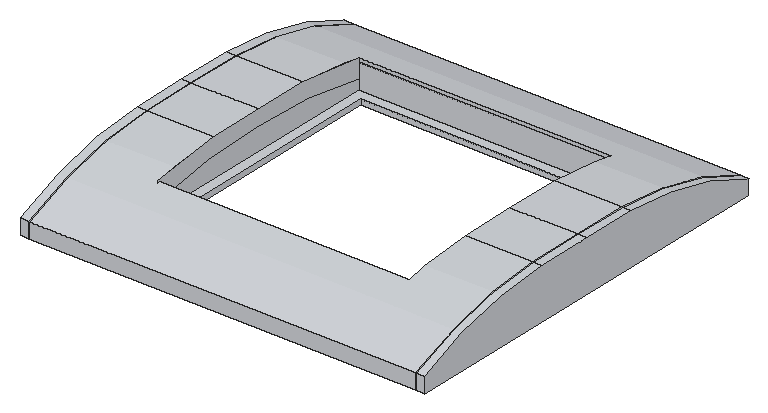
Revit family "Gira_1002723", category Electrical Fixtures, host Face, Revit 2017
Family settings
  Host = Face
  Maintain Annotation Orientation = No
  Round Connector Dimension = Use Diameter
  Part Type = Normal
  Cut with Voids When Loaded = No
  Shared = No
  Room Calculation Point = No
Parameters (values of type "Abdeckrahmen 2f o.M. Zwischenr. RW Gira Event Klar Weiß")
  Werkstoffgüte = "Thermoplast"
  Werkstoff = "Kunststoff"
  URL = "http://katalog.gira.de/de_DE/datenblatt.html?artikelnr=1002723"
  Transparent = "No"
  Textfeld/Beschriftungsfläche = "No"
  Schutzart (IP) = "IP20"
  Region = "DE"
  Oberfläche = "sonstige"
  Name = "Abdeckrahmen 2f o.M. Zwischenr. RW Gira Event Klar Weiß"
  Montagerichtung = "horizontal und vertikal"
  Mit Montagerahmen = "No"
  Mit Klappdeckel = "No"
  Manufacturer URL = "https://www.gira.de/"
  Keynote = "Event_Rahmen_2fach o.Mittelsteg"
  HeinzeBIM = "https://bimportal.heinze.de/bim/abdeckrahmen-2f-o-m-zwischenr-rw-gira-event-klar-weiss/7ea432520eef8792a8d93901f328993f3b461473"
  Halogenfrei = "Yes"
  HAN = "1002723"
  Geeignet für Unterputz-Installation = "Yes"
  Geeignet für Unterflurkanaldose = "No"
  Geeignet für Geräteeinbaukanal = "No"
  Geeignet für Einbauinstallation = "No"
  GTIN = "4010337070184"
  Farbe = "weiß"
  Default Elevation = 1219.2 mm
  Data sheet (1) = "https://katalog.gira.de/de_DE/download.html?artikelnr=1002723"
  Category = "Abdeckrahmen"
  Befestigungsart = "Klemmbefestigung"
  Available = "Yes"
  Anzahl der Einheiten vertikal = "2 "
  Anzahl der Einheiten horizontal = "2 "
  Anzahl der Einheiten = "2 "
Reference planes
  plane 1 "Center (Front/Back)": y = 0
  plane 2: z = 0
  plane 3 "Center (Left/Right)": x = 0
Forms (mm)
  Extrusion 1, solid, detail levels fine
    sketch origin (0, 0, 1.55) x (0, 1, 0) y (0, 0, 1)
      loop
        arc (12.445, 9.683) -> (6.223, 9.833) -> (0, 9.85) r 291.636
        arc (0, 9.85) -> (-6.223, 9.833) -> (-12.445, 9.683) r 291.636
        arc (-12.445, 9.683) -> (-29.14, 7.482) -> (-45, 1.823) r 79.728
        line (-45, 1.823) -> (-45, -1.55) -> (-41.777, -1.55) -> (-41.777, -0.55)
        arc (-41.777, -0.55) -> (-21.205, 4.846) -> (0, 6.467) r 118.15
        arc (0, 6.467) -> (21.205, 4.846) -> (41.777, -0.55) r 118.15
        line (41.777, -0.55) -> (41.777, -1.55) -> (45, -1.55) -> (45, 1.823)
        arc (45, 1.823) -> (29.14, 7.482) -> (12.445, 9.683) r 79.728
    from -43 to 43
  Extrusion 2, void, detail levels fine
    sketch origin (0, 0, 0) x (1, 0, 0) y (0, 1, 0)
      loop
        line (-28, -28) -> (28, -28) -> (28, 28) -> (-28, 28) -> (-28, -28)
    from 2.85 to 12
  Extrusion 3, solid, detail levels coarse
    sketch origin (0, 0, 0) x (1, 0, 0) y (0, 1, 0)
      loop
        line (-45, 45) -> (-45, -45) -> (45, -45) -> (45, 45) -> (-45, 45)
    from 0 to 11.4
  Extrusion 4, solid, detail levels medium
    sketch origin (0, 0, 1.55) x (0, 1, 0) y (0, 0, 1)
      loop
        arc (12.445, 9.683) -> (6.223, 9.833) -> (0, 9.85) r 291.636
        arc (0, 9.85) -> (-6.223, 9.833) -> (-12.445, 9.683) r 291.636
        arc (-12.445, 9.683) -> (-29.14, 7.482) -> (-45, 1.823) r 79.728
        line (-45, 1.823) -> (-45, -1.55) -> (45, -1.55) -> (45, 1.823)
        arc (45, 1.823) -> (29.14, 7.482) -> (12.445, 9.683) r 79.728
    from -45 to 45
  Extrusion 5, solid, detail levels fine
    sketch origin (0, 0, 0) x (0, 1, 0) y (0, 0, 1)
      loop
        arc (45, 3.373) -> (29.14, 9.032) -> (12.445, 11.233) r 79.728
        arc (12.445, 11.233) -> (6.223, 11.383) -> (0, 11.4) r 291.636
        arc (0, 11.4) -> (-6.223, 11.383) -> (-12.445, 11.233) r 291.636
        arc (-12.445, 11.233) -> (-29.14, 9.032) -> (-45, 3.373) r 79.728
        line (-45, 3.373) -> (-45, 0) -> (45, 0) -> (45, 3.373)
    from 43 to 45
  Extrusion 6, solid, detail levels fine
    sketch origin (0, 0, 0) x (0, 1, 0) y (0, 0, -1)
      loop
        line (45, -3.373) -> (45, 0) -> (-45, 0) -> (-45, -3.373)
        arc (-45, -3.373) -> (-29.14, -9.032) -> (-12.445, -11.233) r 79.728
        arc (-12.445, -11.233) -> (-6.223, -11.383) -> (0, -11.4) r 291.636
        arc (0, -11.4) -> (6.223, -11.383) -> (12.445, -11.233) r 291.636
        arc (12.445, -11.233) -> (29.14, -9.032) -> (45, -3.373) r 79.728
    from 43 to 45
  Extrusion 7, solid, detail levels fine
    sketch origin (0, 0, 0) x (1, 0, 0) y (0, 1, 0)
      loop
        line (-25.7, 25.7) -> (-25.7, -25.7) -> (25.7, -25.7) -> (25.7, 25.7) -> (-25.7, 25.7)
      loop
        line (-29.495, 27.895) -> (-29.495, -27.895)
        spline (-29.495, -27.895) -> (-29.486, -28.025) -> (-29.461, -28.154) -> (-29.419, -28.278) -> (-29.361, -28.395) -> (-29.288, -28.504) -> (-29.202, -28.602) -> (-29.104, -28.688) -> (-28.995, -28.761) -> (-28.878, -28.819) -> (-28.754, -28.861) -> (-28.625, -28.886) -> (-28.495, -28.895)
        line (-28.495, -28.895) -> (28.495, -28.895)
        spline (28.495, -28.895) -> (28.625, -28.886) -> (28.754, -28.861) -> (28.878, -28.819) -> (28.995, -28.761) -> (29.104, -28.688) -> (29.202, -28.602) -> (29.288, -28.504) -> (29.361, -28.395) -> (29.419, -28.278) -> (29.461, -28.154) -> (29.486, -28.025) -> (29.495, -27.895)
        line (29.495, -27.895) -> (29.495, 27.895)
        spline (29.495, 27.895) -> (29.486, 28.025) -> (29.461, 28.154) -> (29.419, 28.278) -> (29.361, 28.395) -> (29.288, 28.504) -> (29.202, 28.602) -> (29.104, 28.688) -> (28.995, 28.761) -> (28.878, 28.819) -> (28.754, 28.861) -> (28.625, 28.886) -> (28.495, 28.895)
        line (28.495, 28.895) -> (-28.495, 28.895)
        spline (-28.495, 28.895) -> (-28.625, 28.886) -> (-28.754, 28.861) -> (-28.878, 28.819) -> (-28.995, 28.761) -> (-29.104, 28.688) -> (-29.202, 28.602) -> (-29.288, 28.504) -> (-29.361, 28.395) -> (-29.419, 28.278) -> (-29.461, 28.154) -> (-29.486, 28.025) -> (-29.495, 27.895)
    from 1.673 to 8.5
Cuts and joins
  Extrusion 2 cuts Extrusion 1
  Extrusion 2 cuts Extrusion 7
Dimensions and locks
  aligned and locked: plane 2 to host face
  aligned and locked: level to host face
